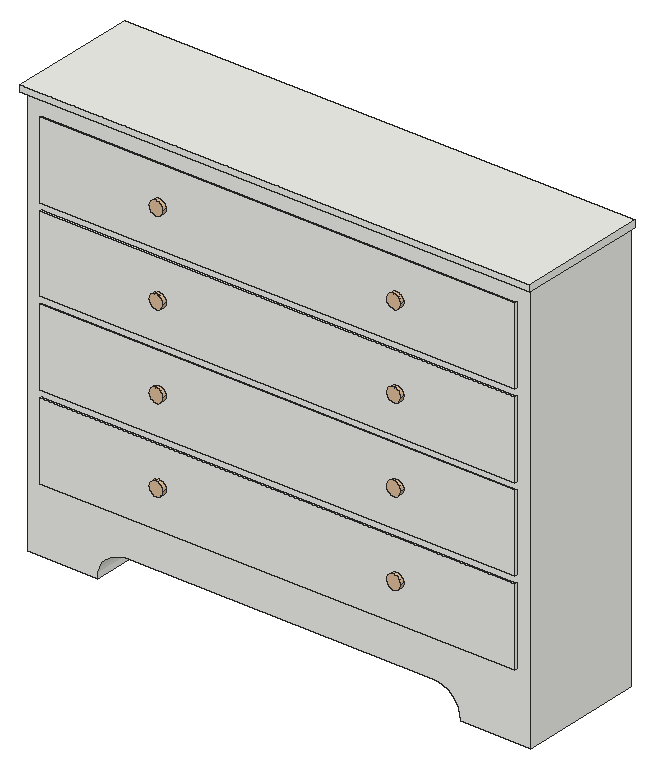
Revit family "M_Cômoda", category Mobiliário, Revit 2019
Family settings
  Número OmniClass = 23.40.20.24.21
  Título OmniClass = Dressers
  ID de item do Seek = Dresser-0000-CAN-ENU
  Com base no plano de trabalho = Não
  Sempre na vertical = Sim
  Corte com vazios quando carregada = Não
  Compartilhado = Não
  Ponto de cálculo do ambiente = Não
Parameters (values of type "1830 x 1525 x 0457mm")
  Linear = 457.00 mm
  Material do roupeiro = Laminado - Marfim, Brilho
  Material da gaveta = Laminado - Marfim, Fosco
  Material do botão = Cerejeira
  Altura = 1525.00 mm
  Largura = 1830.00 mm
Types (4, lengths in mm): name | Linear | Altura | Largura
  (no name) | 457.00 | 1525.00 | 1830.00
  1220 x 1830 x 0610mm | 610.00 | 1830.00 | 1220.00
  1220 x 1525 x 0610mm | 610.00 | 1525.00 | 1220.00
  1830 x 1525 x 0457mm | 457.00 | 1525.00 | 1830.00
Reference planes
  plane 1 "Centro (Frente/Trás)": y = -363.163
  plane 2: z = 0
  plane 3 "Centro (Esquerda/Direita)": x = -269.193
  plane 4 "Parte posterior": y = -134.663
  plane 5 "Parte frontal": y = -591.663
  plane 6 "Direita": x = 645.807
  plane 7 "Esquerda": x = -1184.193
  plane 8 "Superior": z = 1525
  plane 9: x = -828.593
  plane 10: x = 290.207
  plane 11: z = 1448.8
  plane 12: z = 1143.75
  plane 13: z = 838.7
  plane 14: z = 533.65
  plane 15: z = 228.6
  plane 16: x = -1133.393
  plane 17: x = 595.007
  plane 18: y = -598.013
  plane 19: z = 1499.6
  plane 20: x = -701.293
  plane 21: x = 162.907
  plane 22: z = 1296.275
  plane 23: z = 991.225
  plane 24: z = 686.175
  plane 25: z = 381.125
Forms (mm)
  Extrusion 1, solid, material "Laminado - Marfim, Brilho" <- "Material do roupeiro"
    sketch origin (0, -591.663, 0) x (1, 0, 0) y (0, 0, 1)
      loop
        line (391.807, 0) -> (645.807, 0) -> (645.807, 1499.6) -> (-1184.193, 1499.6) -> (-1184.193, 0) -> (-930.193, 0)
        arc (-930.193, 0) -> (-900.435, 71.842) -> (-828.593, 101.6) r 101.6
        line (-828.593, 101.6) -> (290.207, 101.6)
        arc (290.207, 101.6) -> (362.049, 71.842) -> (391.807, 0) r 101.6
    from 0 to -457
  Extrusion 2, solid, material "Laminado - Marfim, Fosco"
    sketch origin (0, -591.663, 0) x (1, 0, 0) y (0, 0, 1)
      loop
        line (595.007, 1436.1) -> (-1133.393, 1436.1) -> (-1133.393, 1156.45) -> (595.007, 1156.45) -> (595.007, 1436.1)
      loop
        line (595.007, 1131.05) -> (-1133.393, 1131.05) -> (-1133.393, 851.4) -> (595.007, 851.4) -> (595.007, 1131.05)
      loop
        line (595.007, 826) -> (-1133.393, 826) -> (-1133.393, 546.35) -> (595.007, 546.35) -> (595.007, 826)
      loop
        line (595.007, 520.95) -> (-1133.393, 520.95) -> (-1133.393, 241.3) -> (595.007, 241.3) -> (595.007, 520.95)
    from 0 to 6.35
  Extrusion 3, solid, material "Laminado - Marfim, Fosco"
    sketch origin (0, 0, 0) x (1, 0, 0) y (0, 1, 0)
      loop
        line (-1196.893, -134.663) -> (-1196.893, -610.713) -> (658.507, -610.713) -> (658.507, -134.663) -> (-1196.893, -134.663)
    from 1499.6 to 1525
  Extrusion 4, solid, material "Cerejeira" <- "Material do botão"
    sketch origin (0, -591.663, 0) x (1, 0, 0) y (0, 0, 1)
      loop
        circle (162.907, 1296.275) r 25.4
      loop
        circle (162.907, 991.225) r 25.4
      loop
        circle (162.907, 686.175) r 25.4
      loop
        circle (162.907, 381.125) r 25.4
      loop
        circle (-701.293, 381.125) r 25.4
      loop
        circle (-701.293, 686.175) r 25.4
      loop
        circle (-701.293, 991.225) r 25.4
      loop
        circle (-701.293, 1296.275) r 25.4
    from 6.35 to 19.05
Lines and regions (mm)
  Masking region 1
    outline origin (0, 0, 0) x (1, 0, 0) y (0, 1, 0)
      loop
        line (-1184.193, -134.663) -> (-1184.193, -598.013) -> (645.807, -598.013) -> (645.807, -134.663) -> (-1184.193, -134.663)
Dimensions and locks
  equal spacing: plane 7 "Esquerda", plane 3 "Centro (Esquerda/Direita)", plane 6 "Direita"
  equal spacing: plane 5 "Parte frontal", plane 1 "Centro (Frente/Trás)", plane 4 "Parte posterior"
  "Largura": plane 7 "Esquerda" to plane 6 "Direita"
  "Linear": plane 5 "Parte frontal" to plane 4 "Parte posterior"
  "Altura": plane 8 "Superior" to plane 2
  locked: plane 7 "Esquerda" to plane 9 at 355.6
  locked: plane 6 "Direita" to plane 10 at 355.6
  locked: plane 8 "Superior" to plane 11 at 76.2
  locked: plane 15 to plane 2 at 228.6
  equal spacing: plane 11, plane 12, plane 13, plane 14, plane 15
  locked: plane 7 "Esquerda" to plane 16 at 50.8
  locked: plane 17 to plane 6 "Direita" at 50.8
  plane 18 to plane 5 "Parte frontal" = 6.35 mm
  locked: plane 19 to plane 8 "Superior" at 25.4
  equal spacing: plane 16, plane 20, plane 3 "Centro (Esquerda/Direita)"
  equal spacing: plane 17, plane 21, plane 3 "Centro (Esquerda/Direita)"
  equal spacing: plane 14, plane 25, plane 15
  equal spacing: plane 13, plane 24, plane 14
  equal spacing: plane 12, plane 23, plane 13
  equal spacing: plane 11, plane 22, plane 12
  aligned and locked: Extrusion 1 to plane 4 "Parte posterior"
  aligned and locked: Extrusion 2 to plane 5 "Parte frontal"
  aligned and locked: Extrusion 2 to plane 18
  aligned and locked: plane 19 to Extrusion 1
  aligned and locked: Extrusion 3 to plane 8 "Superior"
  aligned and locked: Extrusion 3 to Extrusion 1
  aligned and locked: Masking region 1 sketch curve to plane 7 "Esquerda"
  aligned and locked: plane 4 "Parte posterior" to Masking region 1 sketch curve
  aligned and locked: plane 6 "Direita" to Masking region 1 sketch curve
  aligned and locked: plane 18 to Masking region 1 sketch curve
Automatic sketch dimensions
  Extrusion 1 sketch curve to level = 0.00 mm  (x2)
  Extrusion 1 sketch curve to plane 7 "Esquerda" = 0.00 mm
  Extrusion 1 sketch curve to plane 9 = 0.00 mm
  Extrusion 1 sketch curve to plane 10 = 0.00 mm
  Extrusion 1 sketch curve to plane 6 "Direita" = 0.00 mm
  Extrusion 1 sketch curve to Extrusion 1 sketch curve = 101.60 mm
  plane 8 "Superior" to Extrusion 1 sketch curve = 25.40 mm
  Extrusion 2 sketch curve to plane 16 = 0.00 mm  (x4)
  Extrusion 2 sketch curve to plane 17 = 0.00 mm  (x4)
  Extrusion 2 sketch curve to plane 15 = 12.70 mm
  plane 14 to Extrusion 2 sketch curve = 12.70 mm
  Extrusion 2 sketch curve to plane 14 = 12.70 mm
  plane 13 to Extrusion 2 sketch curve = 12.70 mm
  Extrusion 2 sketch curve to plane 13 = 12.70 mm
  plane 12 to Extrusion 2 sketch curve = 12.70 mm
  Extrusion 2 sketch curve to plane 12 = 12.70 mm
  plane 11 to Extrusion 2 sketch curve = 12.70 mm
  plane 7 "Esquerda" to Extrusion 3 sketch curve = 12.70 mm
  Extrusion 3 sketch curve to plane 18 = 12.70 mm
  Extrusion 3 sketch curve to plane 6 "Direita" = 12.70 mm
  Extrusion 4 sketch curve to plane 22 = 0.00 mm  (x2)
  Extrusion 4 sketch curve to plane 23 = 0.00 mm  (x2)
  Extrusion 4 sketch curve to plane 24 = 0.00 mm  (x2)
  Extrusion 4 sketch curve to plane 25 = 0.00 mm  (x2)
  Extrusion 4 sketch curve to plane 20 = 0.00 mm  (x4)
  Extrusion 4 sketch curve to plane 21 = 0.00 mm  (x4)
  Extrusion 4 sketch curve to Extrusion 4 sketch curve = 25.40 mm  (x8)
  Extrusion 3 sketch curve to plane 4 "Parte posterior" = 0.00 mm
